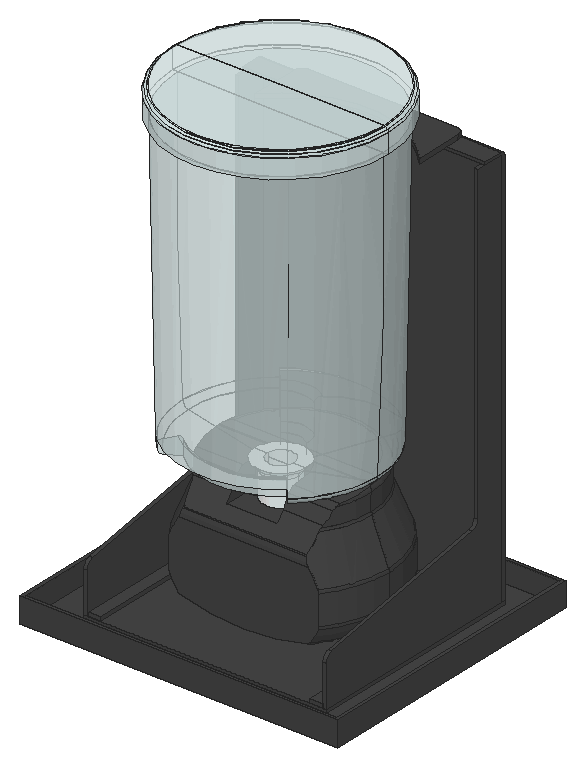
Revit family "NBS_DudleyIndustriesLimited_SoapDpnsrs_ModuloSlimlineBehindTheMirrorHandHygieneSystem2LTouchFreeSoapDispenser_92400BK", category Specialty Equipment, Revit 2019
Family settings
  Round Connector Dimension = Use Diameter
  Part Type = Normal
  Work Plane-Based = No
  Always vertical = Yes
  Cut with Voids When Loaded = No
  Shared = No
  Room Calculation Point = No
Parameters (values of type "92400BK Modulo Slimline 2L Soap Dispenser Battery Powered")
  WarrantyStartDate [instance] = "1900-12-31T23:59:59"
  WarrantyGuarantorParts = "n/a"
  WarrantyGuarantorLabor = "n/a"
  WarrantyDurationUnit = "year"
  WarrantyDurationParts = "Ten year"
  WarrantyDurationLabor = "n/a"
  WarrantyDescription = "Ten year"
  Version = "1"  # constant formula
  Uniclass2015Version = "Products v1.22"
  Uniclass2015Title = "Soap dispensers"
  Uniclass2015Code = "Pr_40_70_22_81"
  TagNumber [instance] = "n/a"
  SustainabilityPerformance = "n/a"
  Size = "n/a"
  Shape = "Circle"
  SerialNumber [instance] = "n/a"
  ReservoirMaterial = NBS_DudleyIndustriesLimited_Plastic_Translucent
  ReplacementCost = "n/a"
  RecycledContent = "n/a"
  Recyclability = "n/a"
  ProductInformation = "n/a"
  Power = "n/a"
  PlateMaterial = NBS_DudleyIndustriesLimited_StainlessSteel_MatteBlackPowderCoated
  Operation = "Automatic"
  NominalWidth = 193 mm
  NominalLength = 0 mm
  NominalHeight = 293 mm
  Name = "SoapDispensers_ModuloSlimlineBehindTheMirrorHandHygieneSystem, 2LTouchFreeSoapDispenser_92400BK-BatteryPowered_DudleyIndustriesLimited"
  NBSCertification = "www.nationalbimlibrary.com/cert/cpuq3ygh"
  ModelReference = "92400BK Modulo Slimline 2L Soap Dispenser Battery Powered"
  ModelNumber = "n/a"
  MaterialsFinishAndColour = "Matte black, powder coated"
  MaterialsBody = "Stainless steel"
  Material = "Stainless steel"
  ManufacturerURL = "www.dudleyindustries.com"
  ManufacturerName = "Dudley Industries Limited"  # constant formula
  Manufacturer = "sales@dudleyindustries.com"
  IntegralAccessories = "n/a"
  InstallationDate [instance] = "1900-12-31T23:59:59"
  IfcExportType = "NOTDEFINED"  # constant formula
  IfcExportAs = "IfcFurnitureType"  # constant formula
  Grade = "n/a"
  FunnelMaterial = NBS_DudleyIndustriesLimited_Plastic_White
  Form = "Surface mounted"
  Finish = "Powder-coated"
  Features = "n/a"
  ExpectedLife = "n/a"
  EmbodiedCarbon = "n/a"
  DurationUnit = "year"
  DispenserMaterial = NBS_DudleyIndustriesLimited_StainlessSteel_MatteBlackPowderCoated
  Dimensions = "193 x 293 x 173 mm"
  Description = "Soap dispenser"
  CountryOfProductManufacture = "n/a"
  CountryOfMaterialOrigin = "n/a"
  ContainsRedListMaterials = "n/a"
  Constituents = "n/a"
  Color = "Black"
  CodePerformance = "n/a"
  Category = "Pr_40_70_22_81:Soap dispensers"
  Capacity = "2 L"
  BlankingPlates = "Not required.,Required"
  BarCode [instance] = "n/a"
  BIMObjectName = "NBS_DudleyIndustriesLimited_SoapDispensers_ModuloSlimlineBehindTheMirrorHandHygieneSystem2LTouchFreeSoapDispenser_92400BK-BatteryPowered"
  Author = "NBS"  # constant formula
  AssetType = "Movable"
  AssetIdentifier [instance] = "n/a"
  Accessories = "Not required.,92405BK, Modulo Slimline Base Shelf, 600 mm.,92404BK,  Modulo Slimline Base Shelf, 1200 mm"
  AccessibilityPerformance = "n/a"
Reference planes
  plane 1 "Center (Front/Back)": y = 0
  plane 2 "Bottom": z = 0
  plane 3 "Center (Left/Right)": x = 0
  plane 4 "Left": x = -96.5
  plane 5 "Right": x = 96.5
  plane 6 "Back": y = 86.7
  plane 7 "Front": y = -86.7
  plane 8: z = 249
  plane 9 "Top": z = 292.91
  plane 10: z = 15
  plane 11: z = 1.9
  plane 12: x = -94.6
  plane 13: y = 84.8
  plane 14: x = 94.6
  plane 15: y = -84.8
  plane 16: y = -66.4
  plane 17: y = 48.6
  plane 18: y = 66.4
  plane 19: x = -73.7
  plane 20: x = 73.7
  plane 21: y = 68.6
  plane 22: z = 3.9
  plane 23: y = -9.15
  plane 24: z = 100.519
  plane 25: x = 37.468
  plane 26: x = -37.468
  plane 27: x = -50
  plane 28: x = 50
  plane 29: z = 251.553
  plane 30: z = 6.1
  plane 31: x = -63.5
  plane 32: x = 63.5
  plane 33: z = -5
  plane 34: z = 87.978
Forms (mm)
  Extrusion 1, solid, material "NBS_DudleyIndustriesLimited_StainlessSteel_MatteBlackPowderCoated" <- "PlateMaterial"
    sketch origin (0, 0, 0) x (1, 0, 0) y (0, 1, 0)
      loop
        line (-96.5, 86.7) -> (-96.5, -86.7) -> (96.5, -86.7) -> (96.5, 86.7) -> (-96.5, 86.7)
      loop
        line (-94.6, 84.8) -> (-94.6, -84.8) -> (94.6, -84.8) -> (94.6, 84.8) -> (-94.6, 84.8)
    from 0 to 15
  Extrusion 2, solid, material "NBS_DudleyIndustriesLimited_StainlessSteel_MatteBlackPowderCoated" <- "PlateMaterial"
    sketch origin (0, 0, 0) x (1, 0, 0) y (0, 1, 0)
      loop
        line (-94.6, 84.8) -> (-94.6, -84.8) -> (94.6, -84.8) -> (94.6, 84.8) -> (-94.6, 84.8)
    from 0 to 1.9
  Extrusion 3, solid, material "NBS_DudleyIndustriesLimited_StainlessSteel_MatteBlackPowderCoated" <- "PlateMaterial"
    sketch origin (0, 0, 0) x (0, 1, 0) y (0, 0, 1)
      loop
        line (-66.4, 3.9) -> (66.4, 3.9) -> (66.4, 247.55) -> (48.6, 247.55) -> (48.6, 57.305)
        arc (48.6, 57.305) -> (47.426, 54.087) -> (44.457, 52.379) r 5
        line (44.457, 52.379) -> (-62.257, 33.821)
        arc (-62.257, 33.821) -> (-65.226, 32.113) -> (-66.4, 28.895) r 5
        line (-66.4, 28.895) -> (-66.4, 3.9)
    from 71.5 to 73.7
  Extrusion 4, solid, material "NBS_DudleyIndustriesLimited_StainlessSteel_MatteBlackPowderCoated" <- "PlateMaterial"
    sketch origin (0, 0, 0) x (1, 0, 0) y (0, 1, 0)
      loop
        line (-73.7, 68.6) -> (-73.7, -66.4) -> (73.7, -66.4) -> (73.7, 68.6) -> (-73.7, 68.6)
    from 1.9 to 3.9
  Extrusion 5, solid, material "NBS_DudleyIndustriesLimited_StainlessSteel_MatteBlackPowderCoated" <- "PlateMaterial"
    sketch origin (0, 0, 0) x (0, 1, 0) y (0, 0, -1)
      loop
        line (-66.4, -3.9) -> (-66.4, -28.895)
        arc (-66.4, -28.895) -> (-65.226, -32.113) -> (-62.257, -33.821) r 5
        line (-62.257, -33.821) -> (44.457, -52.379)
        arc (44.457, -52.379) -> (47.426, -54.087) -> (48.6, -57.305) r 5
        line (48.6, -57.305) -> (48.6, -247.55) -> (66.4, -247.55) -> (66.4, -3.9) -> (-66.4, -3.9)
    from 71.5 to 73.7
  Extrusion 6, solid, material "NBS_DudleyIndustriesLimited_StainlessSteel_MatteBlackPowderCoated" <- "PlateMaterial"
    sketch origin (0, 0, 0) x (0, 1, 0) y (0, 0, 1)
      loop
        line (66.4, 3.9) -> (68.6, 3.9) -> (68.6, 246.803)
        arc (68.6, 246.803) -> (67.956, 248.356) -> (66.403, 249) r 2.197
        line (66.403, 249) -> (54.102, 249) -> (54.102, 247.55) -> (66.4, 247.55) -> (66.4, 3.9)
    from -73.7 to 73.7
  Revolve 7, solid, material "NBS_DudleyIndustriesLimited_StainlessSteel_MatteBlackPowderCoated" <- "DispenserMaterial", detail levels medium+fine
    sketch origin (0, 0, 0) x (1, 0, 0) y (0, 0, 1)
      loop
        arc (-42.668, 88.578) -> (-46.204, 87.113) -> (-47.668, 83.578) r 5
        line (-47.668, 83.578) -> (-47.668, 73.535)
        spline (-47.668, 73.535) -> (-47.671, 73.375) -> (-47.679, 73.215) -> (-47.691, 73.056) -> (-47.709, 72.897) -> (-47.732, 72.738) -> (-47.76, 72.581) -> (-47.793, 72.424) -> (-47.831, 72.269) -> (-47.874, 72.115) -> (-47.922, 71.962) -> (-47.975, 71.811) -> (-48.032, 71.662)
        line (-48.032, 71.662) -> (-58.336, 46.16)
        arc (-58.336, 46.16) -> (-58.622, 45.194) -> (-58.718, 44.192) r 5.252
        line (-58.718, 44.192) -> (-58.718, 26.189)
        arc (-58.718, 26.189) -> (-58.677, 25.364) -> (-58.552, 24.548) r 8.192
        arc (-58.552, 24.548) -> (-57.163, 19.983) -> (-54.948, 15.757) r 25.499
        arc (-54.948, 15.757) -> (-54.374, 15.111) -> (-53.635, 14.662) r 2.902
        arc (-53.635, 14.662) -> (-27.352, 6.617) -> (0, 3.9) r 139.033
        line (0, 3.9) -> (0, 88.578) -> (-42.668, 88.578)
      axis (0, 88.578) -> (0, 3.9)
    angle from 0 to 360
  Revolve 8, solid, material "NBS_DudleyIndustriesLimited_Plastic_Translucent" <- "ReservoirMaterial", detail levels medium+fine
    sketch origin (4267.2, -9.15, 232.91) x (0, 0, -1) y (1, 0, 0)
      loop
        line (-45, -4267.2) -> (-45, -4329.801)
        arc (-45, -4329.801) -> (43.724, -4329.682) -> (132.391, -4326.486) r 2558.143
        arc (132.391, -4326.486) -> (134.895, -4325.564) -> (136.252, -4323.265) r 3.973
        line (136.252, -4323.265) -> (144.932, -4280.959) -> (144.932, -4267.2) -> (-45, -4267.2)
      axis (-45, -4267.2) -> (144.932, -4267.2)
    angle from 0 to 360
  Revolve 9, solid, material "NBS_DudleyIndustriesLimited_Plastic_Translucent" <- "ReservoirMaterial", detail levels medium+fine
    sketch origin (4267.2, -9.15, 232.91) x (0, 0, -1) y (1, 0, 0)
      loop
        line (-45, -4267.2) -> (-60, -4267.2) -> (-60, -4330.206)
        arc (-60, -4330.206) -> (-59.918, -4330.67) -> (-59.682, -4331.079) r 1.358
        line (-59.682, -4331.079) -> (-58.652, -4332.306)
        arc (-58.652, -4332.306) -> (-57.915, -4332.872) -> (-57.009, -4333.073) r 2.145
        line (-57.009, -4333.073) -> (-45, -4333.073) -> (-45, -4267.2)
      axis (-60, -4267.2) -> (-45, -4267.2)
    angle from 0 to 360
  Extrusion 10, void
    sketch origin (0, 0, 0) x (0, 1, 0) y (0, 0, 1)
      loop
        arc (2.047, 86.54) -> (2.452, 86.598) -> (2.84, 86.729) r 2.225
        arc (2.84, 86.729) -> (9.1, 89.054) -> (15.602, 90.577) r 53.223
        line (15.602, 90.577) -> (15.602, 93.751) -> (-66.4, 93.751) -> (-66.4, 3.9) -> (-37.166, 3.9) -> (-37.166, 56.101)
        arc (-37.166, 56.101) -> (-36.968, 58.724) -> (-36.379, 61.288) r 17.5
        arc (-36.379, 61.288) -> (-36.172, 61.709) -> (-35.895, 62.088) r 2.663
        arc (-35.895, 62.088) -> (-30.956, 68.125) -> (-26.459, 74.498) r 109.594
        arc (-26.459, 74.498) -> (-24.224, 78.097) -> (-22.238, 81.838) r 62.255
        arc (-22.238, 81.838) -> (-20.546, 83.656) -> (-18.227, 84.544) r 5.499
        arc (-18.227, 84.544) -> (-8.114, 85.785) -> (2.047, 86.54) r 212.092
    from -73.7 to 73.7
  Sweep 11, void
    path origin (-59.286, -1524, 100.519) x (0, -1, 0) y (1, 0, 0)
      loop
        arc (-1473.146, 21.818) -> (-1458.787, 59.286) -> (-1473.146, 96.754) r 56.063
    profile origin (0, -65.213, 100.519) x (0, 1, 0) y (0, 0, 1)
      loop
        arc (9.383, 3.515) -> (8.557, 5.289) -> (6.694, 5.89) r 2.448
        arc (6.694, 5.89) -> (-0.68, 5.401) -> (-7.903, 3.839) r 50.39
        line (-7.903, 3.839) -> (-7.903, -7.633) -> (9.383, -7.633) -> (9.383, 3.515)
  Sweep 12, void
    path origin (0, 0, 0) x (1, 0, 0) y (0, 1, 0)
      loop
        arc (-37.468, 36.795) -> (0, 50.136) -> (37.468, 36.795) r 59.286
    profile origin (0, 50.136, 0) x (0, 1, 0) y (0, 0, 1)
      loop
        line (-42.855, 117.344) -> (-42.855, 100.519)
        arc (-42.855, 100.519) -> (-43.986, 97.788) -> (-46.718, 96.656) r 3.863
        line (-46.718, 96.656) -> (-46.718, 78.563) -> (2.746, 78.563) -> (2.746, 101.477)
        arc (2.746, 101.477) -> (-16.267, 114.827) -> (-38.736, 120.733) r 65.766
        arc (-38.736, 120.733) -> (-41.742, 120.188) -> (-42.855, 117.344) r 3.133
  Extrusion 13, solid, material "NBS_DudleyIndustriesLimited_StainlessSteel_MatteBlackPowderCoated" <- "PlateMaterial", detail levels medium+fine
    sketch origin (0, 0, 0) x (1, 0, 0) y (0, 1, 0)
      loop
        arc (-44.451, 68.6) -> (-48.375, 66.975) -> (-50, 63.051) r 5.549
        line (-50, 63.051) -> (-50, 33.736)
        arc (-50, 33.736) -> (0, 56.723) -> (50, 33.736) r 65.873
        line (50, 33.736) -> (50, 63.051)
        arc (50, 63.051) -> (48.375, 66.975) -> (44.451, 68.6) r 5.549
        line (44.451, 68.6) -> (-44.451, 68.6)
    from 249 to 251.553
  Extrusion 14, solid, material "NBS_DudleyIndustriesLimited_StainlessSteel_MatteBlackPowderCoated" <- "PlateMaterial", detail levels medium+fine
    sketch origin (0, 0, 0) x (1, 0, 0) y (0, 0, 1)
      loop
        line (-71.5, 6.1) -> (-71.5, 3.9) -> (-63.5, 3.9) -> (-63.5, 6.1) -> (-71.5, 6.1)
    from -66.4 to 66.4
  Extrusion 15, solid, material "NBS_DudleyIndustriesLimited_StainlessSteel_MatteBlackPowderCoated" <- "PlateMaterial", detail levels medium+fine
    sketch origin (0, 0, 0) x (-1, 0, 0) y (0, 0, -1)
      loop
        line (-71.5, -6.1) -> (-63.5, -6.1) -> (-63.5, -3.9) -> (-71.5, -3.9) -> (-71.5, -6.1)
    from -66.4 to 66.4
  Revolve 16, solid, material "NBS_DudleyIndustriesLimited_Plastic_White" <- "FunnelMaterial", detail levels medium+fine
    sketch origin (4267.2, -9.15, 232.91) x (0, 0, -1) y (1, 0, 0)
      loop
        line (142.863, -4282.695) -> (144.932, -4280.959)
        arc (144.932, -4280.959) -> (146.48, -4278.811) -> (148.996, -4277.99) r 4.267
        line (148.996, -4277.99) -> (164.245, -4277.99) -> (164.245, -4267.2) -> (142.863, -4267.2) -> (142.863, -4282.695)
      axis (142.863, -4267.2) -> (164.245, -4267.2)
    angle from 0 to 360
  Extrusion 17, void
    sketch origin (0, 0, 0) x (1, 0, 0) y (0, 1, 0)
      loop
        arc (15.495, -9.15) -> (0, 6.345) -> (-15.495, -9.15) r 15.495
        line (-15.495, -9.15) -> (-15.495, -84.8) -> (15.495, -84.8) -> (15.495, -9.15)
    from 68.665 to 96.656
  Extrusion 18, void
    sketch origin (0, 0, 0) x (1, 0, 0) y (0, 1, 0)
      loop
        circle (0, -9.15) r 8
    from -5 to 100.519
  Extrusion 19, solid, material "NBS_DudleyIndustriesLimited_Plastic_Translucent" <- "ReservoirMaterial", detail levels coarse
    sketch origin (0, 0, 0) x (1, 0, 0) y (0, 1, 0)
      loop
        circle (0, -9.15) r 65.9
    from 87.978 to 292.91
  Extrusion 20, solid, material "NBS_DudleyIndustriesLimited_StainlessSteel_MatteBlackPowderCoated" <- "DispenserMaterial", detail levels coarse
    sketch origin (0, 0, 0) x (1, 0, 0) y (0, 1, 0)
      loop
        circle (0, 0) r 58.7
    from 3.9 to 87.978
Cuts and joins
  Extrusion 10, Extrusion 17, Extrusion 18 cuts Revolve 7
  Sweep 11, Sweep 12 cuts Revolve 8
  Extrusion 18 cuts Extrusion 1
  Extrusion 18 cuts Extrusion 2
  Extrusion 18 cuts Revolve 16
  Extrusion 18 cuts Extrusion 4
Dimensions and locks
  locked: plane 7 "Front" to plane 6 "Back" at 173.4
  locked: plane 4 "Left" to plane 5 "Right" at 193
  aligned and locked: level to plane 2 "Bottom"
  aligned and locked: plane 10 to Extrusion 1
  aligned and locked: Extrusion 1 to plane 2 "Bottom"
  aligned and locked: Extrusion 2 to plane 11
  aligned and locked: Extrusion 2 to plane 2 "Bottom"
  aligned and locked: Extrusion 1 sketch curve to plane 14
  aligned and locked: Extrusion 1 sketch curve to plane 15
  aligned and locked: plane 12 to Extrusion 1 sketch curve
  aligned and locked: plane 13 to Extrusion 1 sketch curve
  aligned and locked: plane 12 to Extrusion 2 sketch curve
  aligned and locked: plane 13 to Extrusion 2 sketch curve
  aligned and locked: Extrusion 2 sketch curve to plane 15
  aligned and locked: Extrusion 2 sketch curve to plane 14
  aligned and locked: Extrusion 3 sketch curve to plane 18
  aligned and locked: Extrusion 3 sketch curve to plane 16
  aligned and locked: Extrusion 4 sketch curve to plane 16
  aligned and locked: Extrusion 4 sketch curve to plane 20
  aligned and locked: Extrusion 4 sketch curve to plane 19
  aligned and locked: Extrusion 4 sketch curve to plane 21
  aligned and locked: plane 11 to Extrusion 4
  aligned and locked: Extrusion 4 to plane 22
  aligned and locked: plane 22 to Extrusion 3 sketch curve
  aligned and locked: Extrusion 6 sketch curve to plane 22
  aligned and locked: Extrusion 6 sketch curve to plane 18
  aligned and locked: Extrusion 6 sketch curve to plane 21
  aligned and locked: Extrusion 6 sketch curve to plane 8
  aligned and locked: plane 19 to Extrusion 6
  aligned and locked: plane 20 to Extrusion 6
  aligned and locked: Revolve 7 sketch curve to plane 3 "Center (Left/Right)"
  aligned and locked: Revolve 8 sketch curve to plane 3 "Center (Left/Right)"
  aligned and locked: plane 3 "Center (Left/Right)" to Revolve 8 sketch curve
  aligned and locked: Revolve 9 sketch curve to plane 9 "Top"
  aligned and locked: plane 3 "Center (Left/Right)" to Revolve 9 sketch curve
  aligned and locked: Revolve 9 sketch curve to plane 3 "Center (Left/Right)"
  aligned and locked: Extrusion 10 sketch curve to plane 22
  aligned and locked: Extrusion 10 sketch curve to plane 16
  aligned and locked: plane 19 to Extrusion 10
  aligned and locked: plane 20 to Extrusion 10
  aligned and locked: Extrusion 13 sketch curve to plane 27
  aligned and locked: Extrusion 13 sketch curve to plane 28
  aligned and locked: Extrusion 13 sketch curve to plane 21
  aligned and locked: Extrusion 13 to plane 8
  aligned and locked: plane 29 to Extrusion 13
  aligned and locked: plane 30 to Extrusion 14 sketch curve
  aligned and locked: plane 31 to Extrusion 14 sketch curve
  aligned and locked: Extrusion 14 sketch curve to plane 22
  aligned and locked: Extrusion 14 to plane 18
  aligned and locked: plane 16 to Extrusion 14
  aligned and locked: plane 16 to Extrusion 15
  aligned and locked: Extrusion 15 to plane 18
  aligned and locked: Revolve 16 sketch curve to plane 3 "Center (Left/Right)"  (x2)
  aligned and locked: plane 3 "Center (Left/Right)" to Extrusion 18 sketch curve
  aligned and locked: plane 23 to Extrusion 18 sketch curve
  aligned and locked: Extrusion 18 to plane 24
  aligned and locked: Extrusion 18 to plane 33
  aligned and locked: plane 3 "Center (Left/Right)" to Extrusion 19 sketch curve
  aligned and locked: plane 23 to Extrusion 19 sketch curve
  aligned and locked: Extrusion 19 to plane 34
  aligned and locked: Extrusion 19 to plane 9 "Top"
  aligned and locked: plane 3 "Center (Left/Right)" to Extrusion 20 sketch curve
  aligned and locked: plane 1 "Center (Front/Back)" to Extrusion 20 sketch curve
  aligned and locked: plane 22 to Extrusion 20
  aligned and locked: plane 34 to Extrusion 20
